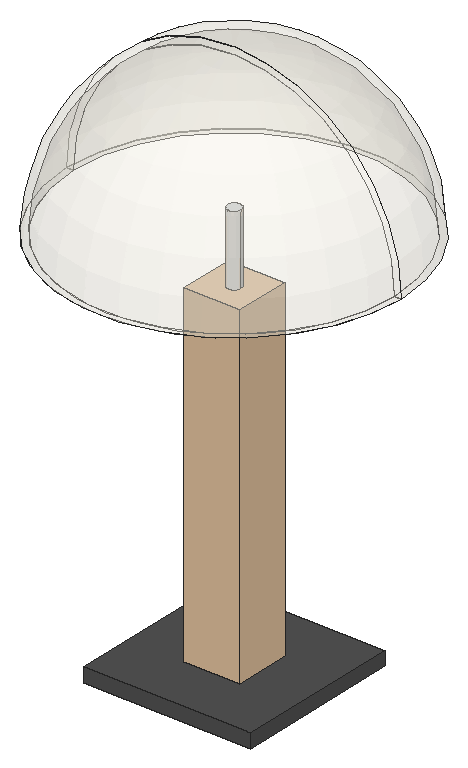
Revit family "M_Abajur de mesa - Hemisférico", category Luminárias, Revit 2019
Family settings
  Cota do conector redondo = Utilizar diâmetro
  Tipo de parte = Normal
  Número OmniClass = 23.80.70.11.11
  Título OmniClass = General Luminaries, Non Directional
  ID de item do Seek = Table Lamp - Hemispheric-0000-CAN-ENU
  Com base no plano de trabalho = Não
  Sempre na vertical = Sim
  Corte com vazios quando carregada = Não
  Fonte luminosa = Sim
  Compartilhado = Não
  Ponto de cálculo do ambiente = Não
Parameters (values of type "60W - 120V")
  Wattage = 60 W
  built-in parameter 1150110 = 1 (stored number, unit not read)
  built-in parameter 1114217 = 1 (stored number, unit not read)
  built-in parameter 1150109 = 1 (stored number, unit not read)
  built-in parameter 1150134 = 4
  built-in parameter 1150113 = 1 (stored number, unit not read)
  Tilt Angle = 90.00°
  Arquivo de rede fotométrica = "TLAE1A19.ies"
  Material de montagem = Aço, Cromo polido
  built-in parameter 1150115 = 1 (stored number, unit not read)
  built-in parameter 1150105 = 68.039 (stored number, unit not read)
  Classificação de carga = Iluminação - Unidade de interrupção
  built-in parameter 1150137 = 1
  built-in parameter 1150139 = (empty or 0)
  built-in parameter 1150112 = 1 (stored number, unit not read)
  built-in parameter 1150114 = 1 (stored number, unit not read)
  built-in parameter 1150132 = (empty or 0)
  built-in parameter 1150102 = (empty or 0)
  built-in parameter 1150138 = (empty or 0)
  built-in parameter 1150107 = 2800 (stored number, unit not read)
  built-in parameter 1150106 = 0.68039 (stored number, unit not read)
  built-in parameter 1150104 = 1.3239 (stored number, unit not read)
  Dimming Lamp Color Temperature Shift = (empty or 0)
  Color Filter = 16777215
  Voltagem do transformador = 120 V
  Transformador por número de postes = 1
  built-in parameter 1114218 = 1 (stored number, unit not read)
  built-in parameter 1150133 = 10 (stored number, unit not read)
  Código de montagem = "D5020220"
  Lâmpada = "A-19"
  Lumens = 855 lm
  Material de sombra = Vidro, Jateado
  Material base = Bétula
  Wattage Comments = ""
  Carga aparente = 60 VA
Types (5, lengths in mm): name | Wattage | Arquivo de rede fotométrica | built-in parameter 1150105 | built-in parameter 1150106 | built-in parameter 1150104 | Voltagem do transformador | Lâmpada | Lumens | Carga aparente
  (no name) | 60 W | "TLAE1A19.ies" | 68.039 (stored number, unit not read) | 0.68039 (stored number, unit not read) | 1.3239 (stored number, unit not read) | 120 V | "A-19" | 855 lm | 60 VA
  60W - 120V | 60 W | "TLAE1A19.ies" | 68.039 (stored number, unit not read) | 0.68039 (stored number, unit not read) | 1.3239 (stored number, unit not read) | 120 V | "A-19" | 855 lm | 60 VA
  60W - 277V | 60 W | "TLAE1A19.ies" | 68.039 (stored number, unit not read) | 0.68039 (stored number, unit not read) | 1.3239 (stored number, unit not read) | 277 V | "A-19" | 855 lm | 60 VA
  100W - 120V | 100 W | "TLAE1A21.ies" | 95.493 (stored number, unit not read) | 0.95493 (stored number, unit not read) | 1.1148 (stored number, unit not read) | 120 V | "R-30" | 1200 lm | 100 VA
  100W - 277V | 100 W | "TLAE1A21.ies" | 95.493 (stored number, unit not read) | 0.95493 (stored number, unit not read) | 1.1148 (stored number, unit not read) | 277 V | "R-30" | 1200 lm | 100 VA
Reference planes
  plane 1 "Eixo de origem da luz": y = 0
  plane 2: z = 0
  plane 3 "Eixo de origem da luz": x = 0
  plane 4 "Elevação da origem da luz": z = 425.95
  plane 5: y = 25.4
  plane 6: y = -25.4
  plane 7: x = -25.4
  plane 8: x = 25.4
  plane 9: z = 560.558
  plane 10: z = 408.158
Forms (mm)
  Extrusion 1, solid, material "Aço, Cromo polido" <- "Material de montagem"
    sketch origin (0, 0, 0) x (1, 0, 0) y (0, 1, 0)
      loop
        line (-76.2, 76.2) -> (-76.2, -76.2) -> (76.2, -76.2) -> (76.2, 76.2) -> (-76.2, 76.2)
    from 12.7 to 25.4
  Revolve 2, solid, material "Aço, Cromo polido" <- "Material de montagem"
    sketch origin (0, 50.8, 0) x (1, 0, 0) y (0, 0, 1)
      loop
        line (53.975, 12.7) -> (53.975, 0)
        arc (53.975, 0) -> (62.955, 3.72) -> (66.675, 12.7) r 12.7
        line (66.675, 12.7) -> (53.975, 12.7)
      axis (50.8, 12.7) -> (50.8, 0)
    angle from 0 to 360
  Revolve 3, solid, material "Aço, Cromo polido" <- "Material de montagem"
    sketch origin (0.024, -50.8, 0) x (1, 0, 0) y (0, 0, 1)
      loop
        line (53.975, 12.7) -> (53.975, 0)
        arc (53.975, 0) -> (62.955, 3.72) -> (66.675, 12.7) r 12.7
        line (66.675, 12.7) -> (53.975, 12.7)
      axis (50.8, 12.7) -> (50.8, 0)
    angle from 0 to 360
  Revolve 4, solid, material "Aço, Cromo polido" <- "Material de montagem"
    sketch origin (-101.683, 50.8, 0) x (1, 0, 0) y (0, 0, 1)
      loop
        line (53.975, 12.7) -> (53.975, 0)
        arc (53.975, 0) -> (62.955, 3.72) -> (66.675, 12.7) r 12.7
        line (66.675, 12.7) -> (53.975, 12.7)
      axis (50.8, 12.7) -> (50.8, 0)
    angle from 0 to 360
  Revolve 5, solid, material "Aço, Cromo polido" <- "Material de montagem"
    sketch origin (-101.659, -50.8, 0) x (1, 0, 0) y (0, 0, 1)
      loop
        line (53.975, 12.7) -> (53.975, 0)
        arc (53.975, 0) -> (62.955, 3.72) -> (66.675, 12.7) r 12.7
        line (66.675, 12.7) -> (53.975, 12.7)
      axis (50.8, 12.7) -> (50.8, 0)
    angle from 0 to 360
  Extrusion 6, solid, material "Bétula" <- "Material base"
    sketch origin (0, 0, 25.4) x (1, 0, 0) y (0, 1, 0)
      loop
        line (-25.4, -25.4) -> (25.4, -25.4) -> (25.4, 25.4) -> (-25.4, 25.4) -> (-25.4, -25.4)
    from 0 to 304.8
  Extrusion 7, solid
    sketch origin (0, 0, 330.2) x (1, 0, 0) y (0, 1, 0)
      loop
        circle (0, 0) r 6.35
    from 0 to 63.5
  Revolve 8, solid, material "Vidro, Jateado" <- "Material de sombra"
    sketch origin (0, 0, -36.048) x (1, 0, 0) y (0, 0, 1)
      loop
        line (0, 560.558) -> (0, 554.208)
        arc (0, 554.208) -> (103.273, 511.431) -> (146.05, 408.158) r 146.05
        line (146.05, 408.158) -> (152.4, 408.158)
        arc (152.4, 408.158) -> (107.763, 515.921) -> (0, 560.558) r 152.4
      axis (0, 560.558) -> (0, 408.158)
    angle from 0 to 360
Lines and regions (mm)
  symbolic lines
    curve 1: line (-76.2, 76.2, 0) -> (76.2, 76.2, 0)
    curve 2: line (-76.2, -76.2, 0) -> (-76.2, 76.2, 0)
    curve 3: line (76.2, -76.2, 0) -> (-76.2, -76.2, 0)
    curve 4: line (76.2, 76.2, 0) -> (76.2, -76.2, 0)
    curve 5: line (-25.4, 25.4, 0) -> (25.4, 25.4, 0)
    curve 6: line (-25.4, -25.4, 0) -> (-25.4, 25.4, 0)
    curve 7: line (25.4, -25.4, 0) -> (-25.4, -25.4, 0)
    curve 8: line (25.4, 25.4, 0) -> (25.4, -25.4, 0)
    curve 9: arc (152.4, 0, 0) -> (0, 152.4, 0) -> (-152.4, 0, 0) r 152.4
    curve 10: arc (-152.4, 0, 0) -> (0, -152.4, 0) -> (152.4, 0, 0) r 152.4
Dimensions and locks
  aligned and locked: plane 3 "Eixo de origem da luz" to imposter light
  aligned and locked: plane 1 "Eixo de origem da luz" to imposter light
  aligned and locked: plane 4 "Elevação da origem da luz" to imposter light
Connectors
  electrical at (0, 0, 372.11), driven by "Carga aparente", driven by "Voltagem do transformador", driven by "Transformador por número de postes", driven by "Classificação de carga"
    settings: on Revolve 8, index 1, voltage 120 V, apparent load 0 VA, apparent load phase1 60 VA, apparent load phase2 0 VA, apparent load phase3 0 VA, power factor 0.95, load classification "Iluminação - Unidade de interrupção", number of poles 1, system type 31, power factor state 1, is connector primary yes, connector utility no, sub classification motor no, connector description ""
